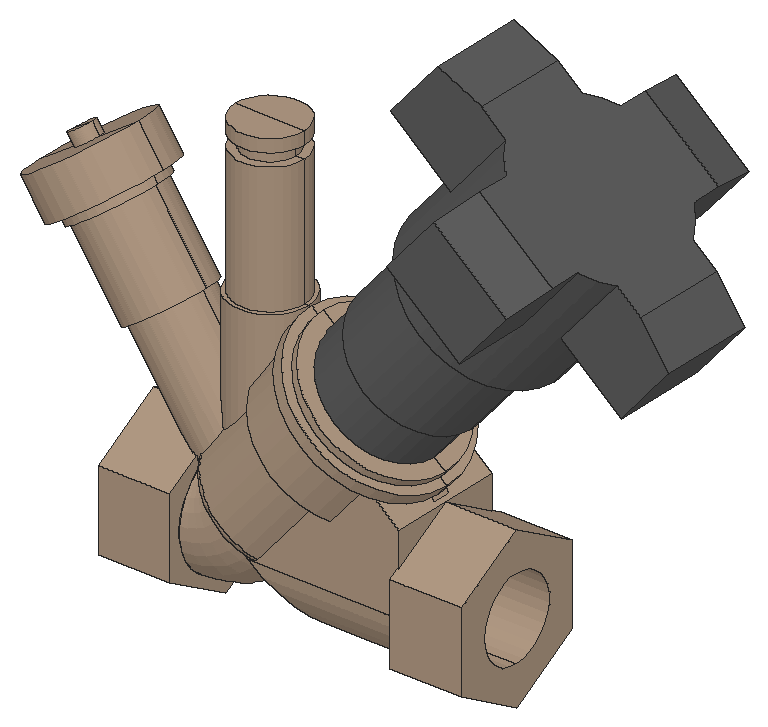
Revit family "M_Valve_Balancing and Control_MEPcontent_Oventrop_Hydrocontrol VTR 10603", category Pipe Accessories, Revit 2015
Parameters (values of type "DN 20")
  Watermarked By = "www.stabiplan.com"
  Use Nominal Diameter [instance] = yes
  built-in parameter 1114242 [instance] = 1
  Thread_Lenght = 14.500 mm
  r2 = 3.000 mm  # constant formula
  r1 = 2.000 mm  # constant formula
  Wholesaler Art. No. = ""
  Wholesaler = ""
  URL = "www.stabiplan.com"
  Stabu Code = ""
  Revit Version = "2015"  # constant formula
  Product Line = "Oventrop"  # constant formula
  SW2 = SW / sqrt(3 / 4)  # 36.950 mm
  SW = Rad1 * 2 + 1.000 mm  # 32.000 mm
  Rad5 = Rad4 + 2.000 mm  # 20.500 mm
  Rad4 = Rad3 + 2.500 mm  # 18.500 mm
  Rad3 = Rad2 + 2.500 mm  # 16.000 mm
  Rad2 = Rad1 - 2.000 mm  # 13.500 mm
  Rad1 = 15.500 mm
  Pressure Drop = 0.0 Pa
  OuterDiameter = 26.900 mm
  NominalRadius [instance] = if(Use Nominal Diameter, NominalDiameter / 2, OuterDiameter / 2)  # 9.525 mm
  NominalDiameter = 19.050 mm
  Model = "Hydrocontrol VTR 10603"
  Manufacturer = "Oventrop"  # constant formula
  MEPcontent Class = "VALVE_BALANCING"  # constant formula
  Lgt2 = 11.000 mm  # constant formula
  Lgt1 = Thread_Lenght + 2.000 mm  # 16.500 mm
  Language = ""
  L2 = Rad2 * tan(Angle / 2)  # 6.295 mm
  Lenght = 84.000 mm
  Internal Art. No. = ""
  IFCExportType = "PRESSUREREDUCING"
  IFCExportAs = "IfcValveType"
  Hlp1 = 22.000 mm  # constant formula
  Hb6 = ((Hb2 + Hb3 + Hb5 + (2 * r1)) / sin(Angle)) - (NominalDiameter * 0.29 + 2.700 mm)  # 43.248 mm
  Hb5 = 3.000 mm  # constant formula
  Hb4 = 18.000 mm  # constant formula
  Hb3 = 11.000 mm
  Hb2 = if(NominalDiameter > 30.000 mm, 50.000 mm, NominalDiameter * 0.6 + 10.000 mm)  # 21.430 mm
  Hb1 = (H / sin(Angle)) - (35.000 mm / tan(Angle))  # 125.061 mm
  H = 118.300 mm
  GTIN = "4026755191646"
  Function Code [instance] = ""
  Family Version = "10.14"  # constant formula
  ETIM Article Class = "EC011463"
  EMCS Version = "2.0"  # constant formula
  Description = "Bronze double regulating and commissioning valves"  # constant formula
  Manufacturer URL = "http://www.oventrop.de/ArticleInfo.aspx?art=1060306"
  Custom = no
  Copyright = "© Stabiplan International BV"  # constant formula
  Content Supplier URL = "www.mepcontent.eu"
  CB-NL Class = ""
  Bronze = Color RGB 156-122-90
  Black = Color RGB 35-35-35
  Article Type = "Hydrocontrol VTR 10603"  # constant formula
  Article Description = "Bronze double regulating and commissioning valves"  # constant formula
  Angle = 50.00°  # constant formula
  Manufacturer Art. No. = "1060306"
Types (7, lengths in mm): name | Thread_Lenght | SW2 | SW | Rad5 | Rad4 | Rad3 | Rad2 | Rad1 | OuterDiameter | NominalRadius | NominalDiameter | Lgt1 | L2 | Lenght | Hb6 | Hb3 | Hb2 | Hb1 | H | GTIN | Manufacturer URL | Manufacturer Art. No.
  DN 40 | 19.100 | 63.509 | 55.000 | 32.000 | 30.000 | 27.500 | 25.000 | 27.000 | 48.300 | 19.050 | 38.100 | 21.100 | 11.658 | 120.000 | 67.186 | 5.000 | 50.000 | 153.780 | 140.300 | "4026755191677" | "http://www.oventrop.de/ArticleInfo.aspx?art=1060312" | "1060312"
  DN 50 | 25.700 | 80.829 | 70.000 | 39.500 | 37.500 | 35.000 | 32.500 | 34.500 | 60.300 | 25.400 | 50.800 | 27.700 | 15.155 | 150.000 | 76.557 | 15.000 | 50.000 | 166.834 | 150.300 | "4026755191684" | "http://www.oventrop.de/ArticleInfo.aspx?art=1060316" | "1060316"
  DN 32 | 19.100 | 57.735 | 50.000 | 29.500 | 27.500 | 25.000 | 22.500 | 24.500 | 42.400 | 15.875 | 31.750 | 21.100 | 10.492 | 110.000 | 63.806 | 1.000 | 50.000 | 151.169 | 138.300 | "4026755191660" | "http://www.oventrop.de/ArticleInfo.aspx?art=1060310" | "1060310"
  DN 25 | 16.800 | 47.343 | 41.000 | 25.000 | 23.000 | 20.500 | 18.000 | 20.000 | 33.700 | 12.700 | 25.400 | 18.800 | 8.394 | 97.500 | 48.991 | 13.000 | 25.240 | 128.977 | 121.300 | "4026755191653" | "http://www.oventrop.de/ArticleInfo.aspx?art=1060308" | "1060308"
  DN 20 | 14.500 | 36.950 | 32.000 | 20.500 | 18.500 | 16.000 | 13.500 | 15.500 | 26.900 | 9.525 | 19.050 | 16.500 | 6.295 | 84.000 | 43.248 | 11.000 | 21.430 | 125.061 | 118.300 | "4026755191646" | "http://www.oventrop.de/ArticleInfo.aspx?art=1060306" | "1060306"
  DN 15 | 13.200 | 31.177 | 27.000 | 18.000 | 16.000 | 13.500 | 11.000 | 13.000 | 21.300 | 6.350 | 12.700 | 15.200 | 5.129 | 80.000 | 45.337 | 15.000 | 17.620 | 122.450 | 116.300 | "4026755191639" | "http://www.oventrop.de/ArticleInfo.aspx?art=1060304" | "1060304"
  DN 10 | 10.100 | 31.177 | 27.000 | 18.000 | 16.000 | 13.500 | 11.000 | 13.000 | 17.200 | 4.763 | 9.525 | 12.100 | 5.129 | 73.000 | 43.771 | 15.000 | 15.715 | 122.450 | 116.300 | "4026755191622" | "http://www.oventrop.de/ArticleInfo.aspx?art=1060303" | "1060303"
Reference planes
  plane 1 "Center (Front/Back)": y = 0
  plane 2: z = 0
  plane 3 "Center (Left/Right)": x = 0
  plane 4: x = -42
  plane 5: x = 42
  plane 6: x = 27.5
  plane 7: x = -27.5
  plane 8: x = -25.5
  plane 9: z = -13.5
  plane 10: z = -16
  plane 11: z = -18.5
  plane 12: x = -19.205
  plane 13: z = 13.5
  plane 14: y = 5.5
  plane 15: y = -5.5
  plane 16: y = -13.5
  plane 17: y = 13.5
  plane 18: x = 25.5
  plane 19: y = 11
  plane 20: y = -11
  plane 21: y = -2
  plane 22: y = 2
  plane 23: z = 18.475
  plane 24: z = -18.475
  plane 25: y = 16
  plane 26: y = -16
Forms (mm)
  Extrusion 1, solid, material "Color RGB 156-122-90" <- "Bronze", detail levels fine
    sketch origin (0, 0, 0) x (0, 1, 0) y (0, 0, 1)
      loop
        circle (0, 0) r 13.5
    from -27.5 to 27.5
  Revolve 2, void
    sketch origin (-19.205, 0, 0) x (0.642788, 0, 0.766044) y (-0.766044, 0, 0.642788)
      loop
        line (6.295, 0) -> (-84, 0) -> (-84, -84) -> (6.295, -84) -> (6.295, 0)
      axis (-84, 0) -> (6.295, 0)
    angle from 0 to 360
  Revolve 3, solid, material "Color RGB 156-122-90" <- "Bronze", detail levels fine
    sketch origin (-25.5, -1524, 140.053) x (0, 0, 1) y (0, -1, 0)
      loop
        circle (-140.053, -1524) r 13.5
      axis (-126.553, -1524) -> (-126.553, -1523)
    angle from 0 to -50
  Extrusion 4, solid, material "Color RGB 156-122-90" <- "Bronze", detail levels fine
    sketch origin (-25.5, -1524, 140.053) x (0, 0, 1) y (0, -1, 0)
      loop
        circle (-140.053, -1524) r 13.5
    from -2 to 0
  Revolve 5, solid, material "Color RGB 156-122-90" <- "Bronze", detail levels fine
    sketch origin (-19.205, 0, 0) x (0.642788, 0, 0.766044) y (-0.766044, 0, 0.642788)
      loop
        line (47.725, 0) -> (6.295, 0) -> (6.295, -14)
        arc (6.295, -14) -> (6.881, -15.414) -> (8.295, -16) r 2
        line (8.295, -16) -> (27.725, -16) -> (29.725, -18.5) -> (40.725, -18.5) -> (42.725, -20.5) -> (45.725, -20.5) -> (45.725, -18.5) -> (47.725, -18.5) -> (47.725, 0)
      axis (6.295, 0) -> (47.725, 0)
    angle from 0 to 360
  Revolve 6, solid, material "Color RGB 35-35-35" <- "Black", detail levels fine
    sketch origin (-19.205, 0, 0) x (0.642788, 0, 0.766044) y (-0.766044, 0, 0.642788)
      loop
        line (47.725, 0) -> (47.725, -15) -> (60.061, -15) -> (60.061, -16) -> (85.061, -16) -> (85.061, -20) -> (125.061, -20) -> (125.061, 0) -> (47.725, 0)
      axis (47.725, 0) -> (125.061, 0)
    angle from 0 to 360
  Extrusion 7, solid, material "Color RGB 35-35-35" <- "Black", detail levels fine
    sketch origin (-19.205, 0, 0) x (0.642788, 0, 0.766044) y (-0.766044, 0, 0.642788)
      loop
        line (125.061, 24) -> (122.061, 35) -> (105.061, 35) -> (105.061, -35) -> (122.061, -35) -> (125.061, -24) -> (125.061, 24)
    from -11 to 11
  Extrusion 8, solid, material "Color RGB 35-35-35" <- "Black", detail levels fine
    sketch origin (-19.205, 0, 0) x (0.642788, 0, 0.766044) y (0, -1, 0)
      loop
        line (122.061, -35) -> (125.061, -24) -> (125.061, 24) -> (122.061, 35) -> (105.061, 35) -> (105.061, -35) -> (122.061, -35)
    from -11 to 11
  Extrusion 9, solid, material "Color RGB 156-122-90" <- "Bronze", detail levels fine
    sketch origin (27.5, -1524, 140.053) x (0, 0, 1) y (0, -1, 0)
      loop
        circle (-140.053, -1524) r 13.5
    from 0 to -2
  Extrusion 10, solid, material "Color RGB 156-122-90" <- "Bronze", detail levels fine
    sketch origin (-19.205, 0, 0) x (0.642788, 0, 0.766044) y (-0.766044, 0, 0.642788)
      loop
        line (42.725, 0) -> (6.295, 0) -> (6.295, -7.502) -> (28.736, -34.246) -> (42.725, -22.507) -> (42.725, 0)
    from -13.5 to 13.5
  Extrusion 11, solid, material "Color RGB 156-122-90" <- "Bronze", detail levels fine
    sketch origin (-19.205, 0, 0) x (0.642788, 0, 0.766044) y (-0.766044, 0, 0.642788)
      loop
        line (45.725, -13.751) -> (45.725, 0) -> (23.915, -28.501) -> (30.021, -35.778) -> (40.363, -27.1) -> (45.725, -13.751)
    from -2 to 2
  Revolve 12, solid, material "Color RGB 156-122-90" <- "Bronze", detail levels fine
    sketch origin (-15.158, 0, 4.822) x (-0.573576, 0, 0.819152) y (-0.819152, 0, -0.573576)
      loop
        line (61, -11) -> (63, -11) -> (63, -14) -> (73, -14) -> (73, -3) -> (76, -3) -> (76, 0) -> (0, 0) -> (0, -9) -> (40, -9) -> (40, -10) -> (61, -10) -> (61, -11)
      axis (0, 0) -> (76, 0)
    angle from 0 to 360
  Revolve 13, solid, material "Color RGB 156-122-90" <- "Bronze", detail levels fine
    sketch origin (-15.158, 0, 4.822) x (0, 0, 1) y (-1, 0, 0)
      loop
        line (0, 0) -> (0, -9) -> (43.248, -9) -> (43.248, -8) -> (73.248, -8) -> (73.248, -6) -> (76.248, -6) -> (76.248, -8) -> (79.248, -8) -> (79.248, 0) -> (0, 0)
      axis (0, 0) -> (79.248, 0)
    angle from 0 to 360
  Extrusion 14, solid, material "Color RGB 156-122-90" <- "Bronze", detail levels fine
    sketch origin (0, 0, 0) x (0, 1, 0) y (0, 0, 1)
      loop
        line (0, 18.475) -> (-16, 9.238) -> (-16, -9.238) -> (0, -18.475) -> (16, -9.238) -> (16, 9.238) -> (0, 18.475)
    from 25.5 to 42
  Extrusion 15, solid, material "Color RGB 156-122-90" <- "Bronze", detail levels fine
    sketch origin (0, 0, 0) x (0, 1, 0) y (0, 0, 1)
      loop
        line (0, 18.475) -> (-16, 9.238) -> (-16, -9.238) -> (0, -18.475) -> (16, -9.238) -> (16, 9.238) -> (0, 18.475)
    from -42 to -25.5
  Extrusion 16, void
    sketch origin (42, -1524, -152.182) x (0, 0, 1) y (0, -1, 0)
      loop
        circle (152.182, -1524) r 9.525
    from 0 to -14.5
  Extrusion 17, void
    sketch origin (-42, -1524, 140.053) x (0, 0, -1) y (0, -1, 0)
      loop
        circle (140.053, -1524) r 9.525
    from 0 to -14.5
Cuts and joins
  Revolve 2 cuts Extrusion 1
  joined: Revolve 6, Extrusion 7, Extrusion 8
  Extrusion 16 cuts Extrusion 14
  Extrusion 17 cuts Extrusion 15
Lines and regions (mm)
  reference lines
    curve 1: line (-19.205, 0, 0) -> (237.91, 0, 306.418)
    curve 2: line (-8.098, 0, 153.936) -> (133.794, 0, 34.875)
    curve 3: line (-10.026, 0, 151.638) -> (131.865, 0, 32.577)
    curve 4: line (-20.953, 0, 138.615) -> (120.938, 0, 19.554)
    curve 5: line (108.082, 0, 4.233) -> (-33.809, 0, 123.294)
    curve 6: line (113.225, 0, 10.361) -> (-28.667, 0, 129.422)
    curve 7: line (-57.808, 0, 94.693) -> (84.083, 0, -24.368)
    curve 8: line (-59.094, 0, 93.161) -> (82.798, 0, -25.9)
    curve 9: line (-61.022, 0, 90.863) -> (80.869, 0, -28.198)
    curve 10: line (-62.308, 0, 89.331) -> (79.584, 0, -29.73)
    curve 11: line (-69.379, 0, 80.904) -> (72.513, 0, -38.157)
    curve 12: line (-84.439, 0, 62.956) -> (57.452, 0, -56.105)
    curve 13: line (-19.205, 0, 0) -> (66.812, 0, -72.176)
    curve 14: line (-49.879, 0, 104.143) -> (92.013, 0, -14.918)
    curve 15: line (-70.664, 0, 79.372) -> (71.227, 0, -39.689)
    curve 16: line (22.169, 0, 24.415) -> (49.328, 0, 56.783)
    curve 17: line (51.243, 0, 55.176) -> (24.084, 0, 22.808)
    curve 18: line (52.775, 0, 53.89) -> (25.616, 0, 21.523)
    curve 19: line (77.64, 0, 78.077) -> (64.016, 0, 61.842)
    curve 20: line (40.87, 0, 108.931) -> (27.246, 0, 92.696)
    curve 21: line (86.066, 0, 71.007) -> (72.443, 0, 54.771)
    curve 22: line (32.443, 0, 116.002) -> (18.82, 0, 99.766)
    curve 23: line (59.255, 24, 93.504) -> (45.631, 24, 77.269)
    curve 24: line (59.255, -24, 93.504) -> (45.631, -24, 77.269)
    curve 25: line (59.255, -35, 93.504) -> (45.631, -35, 77.269)
    curve 26: line (59.255, 35, 93.504) -> (45.631, 35, 77.269)
    curve 27: line (61.183, 41.48, 95.802) -> (61.183, -45.862, 95.802)
    curve 28: line (59.255, 41.48, 93.504) -> (59.255, -45.862, 93.504)
    curve 29: line (48.327, -45.862, 80.482) -> (48.327, 41.48, 80.482)
    curve 30: line (-15.158, 0, 4.822) -> (-43.837, 0, 45.78)
    curve 31: line (-15.158, 0, 4.822) -> (-15.158, 0, 47.121)
    curve 32: line (0, 32, 0) -> (0, 0, 18.475)
    curve 33: line (0, 0, -18.475) -> (0, -32, 0)
    curve 34: line (0, -32, 0) -> (0, 0, 18.475)
    curve 35: line (0, 0, -18.475) -> (0, 32, 0)
  model lines, style "Accessories", detail levels coarse+medium
    curve 36: line (-27.5, 0, 13.5) -> (-27.5, 0, -13.5)
    curve 37: line (27.5, 0, 13.5) -> (27.5, 0, -13.5)
    curve 38: line (-27.5, 0, -13.5) -> (27.5, 0, 13.5)
    curve 39: line (27.5, 0, -13.5) -> (-27.5, 0, 13.5)
    curve 40: circle (0, 0, 0) r 9.525 normal (1, 0, 0)
    curve 41: line (-27.5, 13.5, 0) -> (-27.5, -13.5, 0)
    curve 42: line (27.5, 13.5, 0) -> (27.5, -13.5, 0)
    curve 43: line (27.5, 13.5, 0) -> (-27.5, -13.5, 0)
    curve 44: line (-27.5, 13.5, 0) -> (27.5, -13.5, 0)
Dimensions and locks
  equal spacing: plane 5, plane 3 "Center (Left/Right)", plane 4
  "Lenght": plane 5 to plane 4
  "Thread_Lenght": plane 7 to plane 4
  "Lgt1": plane 4 to plane 8
  "L2": plane 12 to plane 8
  "Thread_Lenght": plane 6 to plane 5
  "Rad4": level to plane 11
  "Rad3": level to plane 10
  "Rad2": level to plane 9
  "Rad2": plane 13 to level
  equal spacing: plane 14, plane 1 "Center (Front/Back)", plane 15
  "Lgt2": plane 14 to plane 15
  "Hb1": curve 13 to curve 2
  locked: curve 3 to curve 2 at 3
  locked: curve 4 to curve 3 at 17
  locked: curve 5 to curve 4 at 20
  curve 5 to curve 14 = 25.000 mm
  "Lenght": Revolve 2 sketch curve to curve 1
  "Lenght": Revolve 2 sketch curve to curve 13
  equal spacing: plane 17, plane 1 "Center (Front/Back)", plane 16
  "Rad2": plane 1 "Center (Front/Back)" to plane 16
  "L2": curve 13 to curve 12
  "Lgt1": plane 5 to plane 18
  "Hb2": curve 12 to curve 15
  "r1": curve 15 to curve 11
  "Hb3": curve 11 to curve 10
  "r1": curve 10 to curve 9
  "Hb5": curve 9 to curve 8
  "r1": curve 8 to curve 7
  "Rad3": curve 16 to curve 1
  "Rad4": curve 17 to curve 1
  "Rad5": curve 18 to curve 1
  locked: curve 6 to curve 5 at 8
  locked: Revolve 6 sketch curve to Revolve 6 sketch curve at 1
  locked: curve 1 to Revolve 6 sketch curve at 16
  locked: Revolve 6 sketch curve to curve 1 at 20
  equal spacing: curve 19, curve 1, curve 20
  locked: curve 19 to curve 1 at 24
  equal spacing: curve 21, curve 1, curve 22
  locked: curve 1 to curve 22 at 35
  "Hlp1": plane 19 to plane 20
  equal spacing: plane 19, plane 1 "Center (Front/Back)", plane 20
  equal spacing: curve 23, curve 1, curve 24
  locked: curve 23 to curve 1 at 24
  equal spacing: curve 26, curve 1, curve 25
  locked: curve 1 to curve 25 at 35
  "Hb1": curve 1 to curve 27
  locked: curve 28 to curve 27 at 3
  locked: curve 29 to curve 28 at 17
  equal spacing: plane 22, plane 1 "Center (Front/Back)", plane 21
  "r1": plane 1 "Center (Front/Back)" to plane 21
  locked: Revolve 12 sketch curve to curve 30 at 9
  locked: Revolve 12 sketch curve to Revolve 12 sketch curve at 40
  locked: Revolve 12 sketch curve to Revolve 12 sketch curve at 21
  "Hb6": Revolve 13 sketch curve to Revolve 13 sketch curve
  locked: Revolve 13 sketch curve to Revolve 13 sketch curve at 30
  locked: Revolve 13 sketch curve to curve 31 at 9
  locked: Revolve 13 sketch curve to Revolve 13 sketch curve at 1
  equal spacing: plane 25, plane 1 "Center (Front/Back)", plane 26
  "SW": plane 25 to plane 26
  equal spacing: plane 23, level, plane 24
  "SW2": plane 23 to plane 24
  equal spacing: curve 33, plane 1 "Center (Front/Back)", curve 32
  "SW": curve 33 to curve 32
  equal spacing: curve 34, plane 1 "Center (Front/Back)", curve 35
  "SW": curve 34 to curve 35
  locked: Revolve 13 sketch curve to Revolve 13 sketch curve at 2
  equal spacing: Revolve 13 sketch curve, Revolve 13 sketch curve, Revolve 13 sketch curve
  locked: Revolve 13 sketch curve to Revolve 13 sketch curve at 6
  locked: Revolve 12 sketch curve to Revolve 12 sketch curve at 2
  locked: Revolve 12 sketch curve to Revolve 12 sketch curve at 10
  locked: Revolve 12 sketch curve to Revolve 12 sketch curve at 3  (x3)
  locked: Revolve 12 sketch curve to Revolve 12 sketch curve at 1  (x2)
  "Rad2": radius of Extrusion 1 sketch curve
  "Rad2": radius of Revolve 3 sketch curve
  "Rad2": radius of Extrusion 4 sketch curve
  "r1": radius of Revolve 5 sketch curve
  "Rad2": radius of Extrusion 9 sketch curve
  "NominalRadius": radius of curve 40
  "NominalRadius": radius of Extrusion 16 sketch curve
  "NominalRadius": radius of Extrusion 17 sketch curve
  "Angle": angle level to curve 1
  locked: curve 1 to curve 30 (angle 75.00°)
  locked: curve 1 to curve 31 (angle 40.00°)
  aligned and locked: level to plane 2
  aligned and locked: plane 12 to curve 1
  aligned and locked: plane 2 to curve 1
  aligned and locked: curve 3 to curve 2  (x2)
  aligned and locked: curve 4 to curve 2  (x2)
  aligned and locked: curve 5 to curve 2  (x2)
  aligned and locked: curve 6 to curve 2  (x2)
  aligned and locked: curve 7 to curve 2  (x2)
  aligned and locked: curve 8 to curve 2  (x2)
  aligned and locked: curve 9 to curve 2  (x2)
  aligned and locked: curve 10 to curve 2  (x2)
  aligned and locked: curve 11 to curve 2  (x2)
  aligned and locked: curve 12 to curve 2  (x2)
  aligned and locked: curve 13 to curve 1  (x2)
  aligned and locked: curve 14 to curve 2  (x2)
  aligned and locked: Revolve 2 sketch curve to curve 1  (x2)
  aligned and locked: curve 15 to curve 4
  aligned and locked: plane 6 to Extrusion 1
  aligned and locked: plane 7 to Extrusion 1
  aligned and locked: plane 13 to Revolve 3 sketch curve
  aligned and locked: plane 7 to Extrusion 4
  aligned and locked: plane 8 to Extrusion 4
  aligned and locked: Revolve 5 sketch curve to curve 12
  aligned and locked: curve 1 to Revolve 5 sketch curve
  aligned and locked: Revolve 5 sketch curve to curve 1
  aligned and locked: curve 12 to Revolve 2 sketch curve
  aligned and locked: curve 17 to curve 16  (x2)
  aligned and locked: curve 18 to curve 16  (x2)
  aligned and locked: curve 7 to Revolve 5 sketch curve
  aligned and locked: curve 16 to Revolve 5 sketch curve
  aligned and locked: curve 15 to Revolve 5 sketch curve
  aligned and locked: curve 17 to Revolve 5 sketch curve
  aligned and locked: curve 11 to Revolve 5 sketch curve
  aligned and locked: curve 10 to Revolve 5 sketch curve
  aligned and locked: curve 9 to Revolve 5 sketch curve
  aligned and locked: curve 18 to Revolve 5 sketch curve
  aligned and locked: Revolve 5 sketch curve to curve 8
  aligned and locked: Revolve 5 sketch curve to curve 17
  aligned and locked: Revolve 6 sketch curve to curve 2
  aligned and locked: Revolve 6 sketch curve to curve 1  (x2)
  aligned and locked: curve 5 to Revolve 6 sketch curve
  aligned and locked: Revolve 6 sketch curve to curve 14
  aligned and locked: curve 7 to Revolve 6 sketch curve
  aligned and locked: curve 20 to curve 19
  aligned and locked: Extrusion 7 sketch curve to curve 20
  aligned and locked: curve 2 to Extrusion 7 sketch curve
  aligned and locked: Extrusion 7 sketch curve to curve 19
  aligned and locked: curve 3 to Extrusion 7 sketch curve  (x2)
  aligned and locked: curve 4 to Extrusion 7 sketch curve  (x2)
  aligned and locked: curve 19 to curve 21
  aligned and locked: curve 22 to curve 19  (x2)
  aligned and locked: Extrusion 7 sketch curve to curve 22
  aligned and locked: Extrusion 7 sketch curve to curve 21
  aligned and locked: Extrusion 7 to plane 19
  aligned and locked: Extrusion 7 to plane 20
  aligned and locked: curve 19 to curve 23
  aligned and locked: curve 24 to curve 19
  aligned and locked: curve 25 to curve 19
  aligned and locked: curve 19 to curve 26  (x2)
  aligned and locked: curve 27 to curve 29  (x2)
  aligned and locked: curve 27 to curve 28  (x2)
  aligned and locked: curve 28 to Extrusion 8 sketch curve  (x2)
  aligned and locked: curve 29 to Extrusion 8 sketch curve  (x2)
  aligned and locked: Extrusion 8 sketch curve to curve 26
  aligned and locked: Extrusion 8 sketch curve to curve 25
  aligned and locked: Extrusion 8 sketch curve to curve 24
  aligned and locked: Extrusion 8 sketch curve to curve 27
  aligned and locked: Extrusion 8 sketch curve to curve 23
  aligned and locked: Extrusion 9 to plane 18
  aligned and locked: curve 9 to Extrusion 10 sketch curve
  aligned and locked: Extrusion 10 sketch curve to plane 18
  aligned and locked: plane 2 to Extrusion 10 sketch curve
  aligned and locked: curve 1 to Extrusion 10 sketch curve
  aligned and locked: plane 17 to Extrusion 10
  aligned and locked: plane 16 to Extrusion 10
  aligned and locked: curve 12 to Extrusion 10 sketch curve
  aligned and locked: curve 8 to Extrusion 11 sketch curve  (x2)
  aligned and locked: plane 13 to Extrusion 11 sketch curve
  aligned and locked: Extrusion 11 sketch curve to plane 6
  aligned and locked: plane 2 to Extrusion 11 sketch curve
  aligned and locked: Extrusion 11 to plane 22
  aligned and locked: plane 21 to Extrusion 11
  aligned and locked: Revolve 12 sketch curve to curve 30  (x2)
  aligned and locked: Revolve 13 sketch curve to curve 31  (x2)
  aligned and locked: level to curve 32
  aligned and locked: plane 23 to curve 32
  aligned and locked: plane 1 "Center (Front/Back)" to curve 32
  aligned and locked: level to curve 33
  aligned and locked: Extrusion 14 sketch curve to curve 34
  aligned and locked: plane 26 to Extrusion 14 sketch curve
  aligned and locked: Extrusion 14 sketch curve to curve 33
  aligned and locked: Extrusion 14 sketch curve to curve 35
  aligned and locked: Extrusion 14 sketch curve to plane 25
  aligned and locked: curve 32 to Extrusion 14 sketch curve
  aligned and locked: Extrusion 15 sketch curve to curve 34
  aligned and locked: plane 26 to Extrusion 15 sketch curve
  aligned and locked: Extrusion 15 sketch curve to curve 33
  aligned and locked: Extrusion 15 sketch curve to curve 35
  aligned and locked: Extrusion 15 sketch curve to plane 25
  aligned and locked: curve 32 to Extrusion 15 sketch curve
  aligned and locked: plane 8 to Extrusion 15
  aligned and locked: Extrusion 14 to plane 18
  aligned and locked: plane 13 to curve 36
  aligned and locked: plane 7 to curve 36
  aligned and locked: plane 13 to curve 37
  aligned and locked: plane 9 to curve 37
  aligned and locked: curve 37 to plane 6
  aligned and locked: plane 9 to curve 36
  aligned and locked: plane 17 to curve 41
  aligned and locked: plane 16 to curve 41
  aligned and locked: plane 7 to curve 41
  aligned and locked: plane 17 to curve 42
  aligned and locked: plane 16 to curve 42
  aligned and locked: curve 42 to plane 6
  aligned and locked: Extrusion 15 to plane 4
  aligned and locked: Extrusion 14 to plane 5
  aligned and locked: curve 1 to Extrusion 11 sketch curve
  aligned and locked: Revolve 13 sketch curve to Revolve 13 sketch curve
  aligned and locked: Extrusion 16 to cut or joined group of Extrusion 1, Revolve 2
  aligned and locked: Extrusion 17 to Extrusion 4
Automatic sketch dimensions
  Revolve 6 sketch curve to curve 1 = 0.000 mm  (x2)
  Extrusion 11 sketch curve to Extrusion 11 sketch curve = 6.106 mm
  Extrusion 11 sketch curve to Extrusion 11 sketch curve = 13.349 mm
  Revolve 12 sketch curve to curve 30 = 0.000 mm  (x3)
  curve 40 to level = 0.000 mm
  curve 40 to plane 1 "Center (Front/Back)" = 0.000 mm
  Extrusion 1 sketch curve to level = 0.000 mm
  Extrusion 1 sketch curve to plane 1 "Center (Front/Back)" = 0.000 mm
  curve 13 to curve 1 = 112.287 mm
  curve 30 to curve 1 = 0.000 mm
  curve 31 to curve 1 = 0.000 mm
  curve 30 to curve 17 = 39.002 mm
  curve 17 to curve 19 = 34.511 mm
  curve 20 to curve 20 = 21.194 mm
  curve 2 to curve 21 = 59.787 mm
  curve 1 to curve 11 = 90.439 mm
  curve 11 to curve 15 = 0.000 mm
  Revolve 2 sketch curve to curve 1 = 0.000 mm  (x2)
  Revolve 3 sketch curve to level = 0.000 mm
  Revolve 3 sketch curve to plane 1 "Center (Front/Back)" = 0.000 mm
  Revolve 3 sketch curve to plane 25 = 1365.604 mm
  plane 26 to Revolve 3 sketch curve = 2749.699 mm
  Extrusion 4 sketch curve to level = 0.000 mm
  Extrusion 4 sketch curve to plane 1 "Center (Front/Back)" = 0.000 mm
  Revolve 5 sketch curve to curve 1 = 0.000 mm  (x2)
  curve 29 to curve 26 = 6.480 mm
  curve 25 to curve 29 = 10.862 mm
  Extrusion 9 sketch curve to level = 0.000 mm
  Extrusion 9 sketch curve to plane 1 "Center (Front/Back)" = 0.000 mm
  Revolve 13 sketch curve to curve 31 = 0.000 mm  (x3)
  Extrusion 16 sketch curve to level = 0.000 mm
  Extrusion 16 sketch curve to plane 1 "Center (Front/Back)" = 0.000 mm
  Extrusion 17 sketch curve to level = 0.000 mm
  Extrusion 17 sketch curve to plane 1 "Center (Front/Back)" = 0.000 mm
Connectors
  piping at (-27.5, 0, 0), diameter 19.05, driven by "NominalRadius", driven by "Pressure Drop"
    settings: on Extrusion 4, index 1, connector inside diameter 25.000 mm, connector length 0.000 mm, flow factor 0, pipe flow 0.0 L/s, pressure drop 0.0 Pa, fitting loss kfactor 0, connector angle 0.00°, fixture units 0, engagement length 0.000 mm, angle of deflection 0.00°, flow configuration 0, flow direction 1, fitting loss method 4, system type 29, joint type 0, gender type 0, connector reference index 2, connector utility 0, adjustable connector no, is connector primary yes, connector description "Global In"
  piping at (27.5, 0, 0), diameter 19.05, driven by "NominalRadius", driven by "Pressure Drop"
    settings: on cut or joined group of Extrusion 1, Revolve 2, index 2, connector inside diameter 25.000 mm, connector length 0.000 mm, flow factor 0, pipe flow 0.0 L/s, pressure drop 0.0 Pa, fitting loss kfactor 0, connector angle 0.00°, fixture units 0, engagement length 0.000 mm, angle of deflection 0.00°, flow configuration 0, flow direction 2, fitting loss method 4, system type 29, joint type 0, gender type 0, connector reference index 1, connector utility 0, adjustable connector no, is connector primary no, connector description "Global Out"
